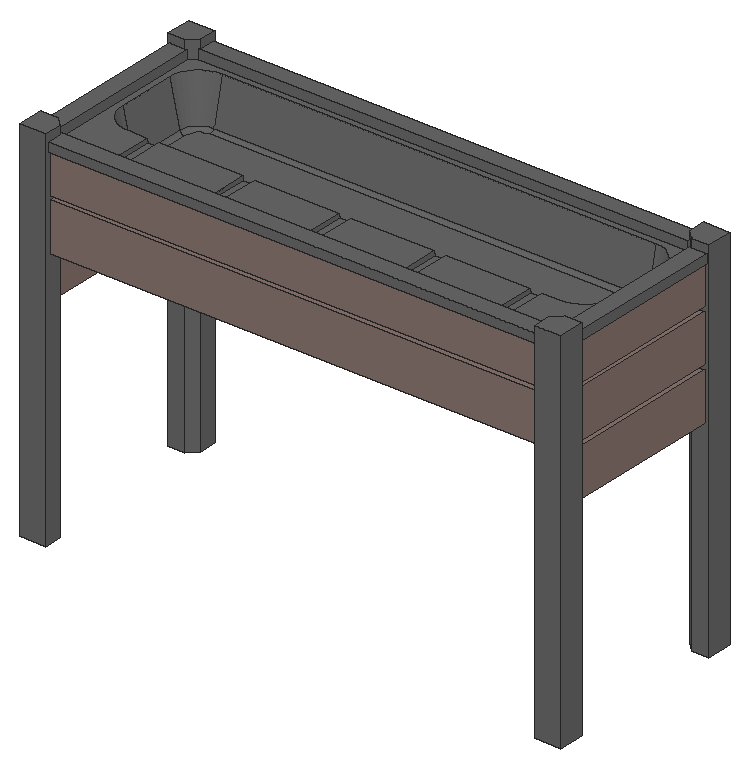
Revit family "Planter-Elevated_ADA-CityScapes-Plax", category Specialty Equipment, Revit 2021
Family settings
  Round Connector Dimension = Use Diameter
  Part Type = Normal
  Work Plane-Based = No
  Always vertical = Yes
  Cut with Voids When Loaded = No
  Shared = No
  Room Calculation Point = No
Parameters (values of type "24”x62”x34” ADA")
  Width = 62 1/4"
  URL = "https://cityscapesinc.com/"
  Specification = "https://www.arcat.com/company/cityscapes-international-inc-40042/spec"
  Product Page URL = "https://www.arcat.com/arcatcos/cos40/arc40042.html"
  Model = "Planx Planters - Elevated Planters Series ADA"
  Manufacturer = "CityScapes"  # constant formula
  Length = 24 1/4"
  Keynote = "32 94 33"
  Height = 42"
  Frame Material [instance] = Aluminum - CityScapes - Electric Black
  Description = "Elevated Planter ADA"
  Default Elevation = 0"
  Copyright = "© 2023 ARCAT"  # constant formula
  CAD Details = "https://www.arcat.com/company/cityscapes-international-inc-40042/cad"
  Board Material [instance] = PVC Board - CityScapes - Sequoia
Reference planes (in)
  plane 1 "Center (Front/Back)": y = 0
  plane 2: z = 0
  plane 3 "Center (Left/Right)": x = 0
  plane 4: x = 31.125
  plane 5: x = -31.125
  plane 6: y = 12.125
  plane 7: y = -12.125
  plane 8: z = 42
Forms (in)
  Extrusion 1, solid, material "Aluminum - CityScapes - Electric Black" <- "Frame Material"
    sketch origin (0, 0, 0) x (1, 0, 0) y (0, 1, 0)
      loop
        line (31.125, 12.125) -> (28.125, 12.125) -> (28.125, 10.125) -> (29.125, 9.125) -> (31.125, 9.125) -> (31.125, 12.125)
      loop
        line (31.125, -12.125) -> (31.125, -9.125) -> (29.125, -9.125) -> (28.125, -10.125) -> (28.125, -12.125) -> (31.125, -12.125)
      loop
        line (-31.125, 12.125) -> (-31.125, 9.125) -> (-29.125, 9.125) -> (-28.125, 10.125) -> (-28.125, 12.125) -> (-31.125, 12.125)
      loop
        line (-31.125, -12.125) -> (-28.125, -12.125) -> (-28.125, -10.125) -> (-29.125, -9.125) -> (-31.125, -9.125) -> (-31.125, -12.125)
    from 0 to 42.50009
  Sweep 2, solid, material "PVC Board - CityScapes - Sequoia" <- "Board Material"
    path origin (0, 0, 0) x (1, 0, 0) y (0, 1, 0)
      loop
        line (31.125, -9.125) -> (31.125, 0) -> (31.125, 12.125) -> (-31.125, 12.125) -> (-31.125, -9.125)
    profile origin (31.125, 6.0625, 0) x (-1, 0, 0) y (0, 0, 1)
      loop
        line (0.5, 40.5) -> (0.5, 36) -> (1.375, 36) -> (1.375, 35.5) -> (0.5, 35.5) -> (0.5, 30) -> (1.375, 30) -> (1.375, 29.5) -> (0.5, 29.5) -> (0.5, 24) -> (2, 24) -> (2, 40.5) -> (0.5, 40.5)
  Extrusion 3, solid, material "PVC Board - CityScapes - Sequoia" <- "Board Material"
    sketch origin (0, 0, 0) x (0, 1, 0) y (0, 0, 1)
      loop
        line (-11.625, 40.5) -> (-11.625, 36.00001) -> (-10.75, 36.00001) -> (-10.75, 35.50001) -> (-11.625, 35.50001) -> (-11.625, 30.00001) -> (-10.125, 30.00001) -> (-10.125, 40.5) -> (-11.625, 40.5)
    from -29.125 to 29.125
  Sweep 4, solid, material "Aluminum - CityScapes - Electric Black" <- "Frame Material"
    path origin (0, 0, 0) x (1, 0, 0) y (0, 1, 0)
      loop
        arc (-24.85, 8) -> (-26.44099, 7.34099) -> (-27.1, 5.75) r 2.25
        line (-27.1, 5.75) -> (-27.1, -0.975)
        arc (-27.1, -0.975) -> (-26.44099, -2.56599) -> (-24.85, -3.225) r 2.25
        line (-24.85, -3.225) -> (24.85, -3.225)
        arc (24.85, -3.225) -> (26.52938, -2.52938) -> (27.225, -0.85) r 2.375
        line (27.225, -0.85) -> (27.225, 5.75)
        arc (27.225, 5.75) -> (26.56599, 7.34099) -> (24.975, 8) r 2.25
        line (24.975, 8) -> (-24.85, 8)
    profile origin (0.0625, 8, 0) x (0, 1, 0) y (0, 0, 1)
      loop
        line (-0.70326, 35) -> (-0.70326, 34.75) -> (0.08878, 34.75) -> (1.38124, 40.5) -> (1.125, 40.5) -> (-0.02352, 35.39035)
        arc (-0.02352, 35.39035) -> (-0.19896, 35.1096) -> (-0.51135, 35) r 0.5
        line (-0.51135, 35) -> (-0.70326, 35)
  Extrusion 5, solid, material "Aluminum - CityScapes - Electric Black" <- "Frame Material"
    sketch origin (0, 0, 0) x (1, 0, 0) y (0, 1, 0)
      loop
        line (28.125, -10.125) -> (29.125, -9.125) -> (29.125, 9.125) -> (28.125, 10.125) -> (-28.125, 10.125) -> (-29.125, 9.125) -> (-29.125, -9.125) -> (-28.125, -10.125) -> (28.125, -10.125)
      loop
        line (24.975, 9.125) -> (-24.85, 9.125)
        arc (-24.85, 9.125) -> (-27.23649, 8.13649) -> (-28.225, 5.75) r 3.375
        line (-28.225, 5.75) -> (-28.225, -0.975)
        arc (-28.225, -0.975) -> (-27.23649, -3.36149) -> (-24.85, -4.35001) r 3.375
        line (-24.85, -4.35001) -> (24.85, -4.35001)
        arc (24.85, -4.35001) -> (27.32487, -3.32488) -> (28.35, -0.85) r 3.5
        line (28.35, -0.85) -> (28.35, 5.75)
        arc (28.35, 5.75) -> (27.36149, 8.13649) -> (24.975, 9.125) r 3.375
    from 39.5 to 40.5
  Extrusion 6, void
    sketch origin (0, 0, 0) x (1, 0, 0) y (0, 1, 0)
      loop
        line (-22.75, -8.675) -> (-21.375, -8.675) -> (-21.375, -3.8) -> (-22.75, -3.8) -> (-22.75, -8.675)
      loop
        line (-11.75, -8.675) -> (-10.375, -8.675) -> (-10.375, -3.8) -> (-11.75, -3.8) -> (-11.75, -8.675)
      loop
        line (-0.6875, -8.675) -> (0.6875, -8.675) -> (0.6875, -3.8) -> (-0.6875, -3.8) -> (-0.6875, -8.675)
      loop
        line (10.3125, -8.675) -> (11.6875, -8.675) -> (11.6875, -3.8) -> (10.3125, -3.8) -> (10.3125, -8.675)
      loop
        line (21.3125, -8.675) -> (22.6875, -8.675) -> (22.6875, -3.8) -> (21.3125, -3.8) -> (21.3125, -8.675)
    from 40 to 40.5
  Extrusion 7, solid, material "Aluminum - CityScapes - Electric Black" <- "Frame Material"
    sketch origin (0, 0, 0) x (1, 0, 0) y (0, 1, 0)
      loop
        arc (24.85, -2.52175) -> (26.0321, -2.0321) -> (26.52174, -0.85) r 1.67174
        line (26.52174, -0.85) -> (26.52174, 5.75)
        arc (26.52174, 5.75) -> (26.06871, 6.84371) -> (24.975, 7.29674) r 1.54674
        line (24.975, 7.29674) -> (-24.85, 7.29674)
        arc (-24.85, 7.29674) -> (-25.94371, 6.84371) -> (-26.39674, 5.75) r 1.54674
        line (-26.39674, 5.75) -> (-26.39674, -0.975)
        arc (-26.39674, -0.975) -> (-25.94371, -2.06872) -> (-24.85, -2.52175) r 1.54674
        line (-24.85, -2.52175) -> (24.85, -2.52175)
    from 34.75 to 35
  Extrusion 8, solid, material "Aluminum - CityScapes - Electric Black" <- "Frame Material"
    sketch origin (0, 0, 0) x (1, 0, 0) y (0, 1, 0)
      loop
        line (-28.125, 9.875) -> (28.125, 9.875) -> (28.125, 11.87499) -> (-28.125, 11.87499) -> (-28.125, 9.875)
      loop
        line (-30.875, 9.125) -> (-30.875, -9.125) -> (-28.875, -9.125) -> (-28.875, 9.125) -> (-30.875, 9.125)
      loop
        line (28.125, -9.875) -> (-28.125, -9.875) -> (-28.125, -11.875) -> (28.125, -11.875) -> (28.125, -9.875)
      loop
        line (28.875, -9.125) -> (30.875, -9.125) -> (30.875, 9.125) -> (28.875, 9.125) -> (28.875, -9.125)
    from 40.5 to 41.575
Cuts and joins
  joined: Sweep 2, Extrusion 3
  Extrusion 6 cuts Sweep 4
  Extrusion 6 cuts Extrusion 5
  joined: Sweep 4, Extrusion 5, Extrusion 7
Dimensions and locks (in)
  "Width": plane 5 to plane 4
  equal spacing: plane 5, plane 3 "Center (Left/Right)", plane 4
  "Length": plane 6 to plane 7
  equal spacing: plane 6, plane 1 "Center (Front/Back)", plane 7
  "Height": plane 8 to level
  locked: Extrusion 1 sketch curve to plane 4 at 3  (x2)
  locked: plane 6 to Extrusion 1 sketch curve at 3  (x2)
  locked: Extrusion 1 sketch curve to plane 7 at 3  (x2)
  locked: plane 5 to Extrusion 1 sketch curve at 3  (x2)
  locked: Sweep 2 sketch curve to Sweep 2 sketch curve at 1.5
  plane 5 to Sweep 4 sketch curve = 4.025"
  plane 6 to Sweep 4 sketch curve = 4 1/8"
  Sweep 4 sketch curve to plane 7 = 8.9"
  locked: Extrusion 1 to plane 8 at 0.50009
  locked: Extrusion 5 to Extrusion 5 at 1
  locked: Extrusion 6 to Extrusion 6 at 0.5
  aligned and locked: plane 2 to level
  aligned and locked: Extrusion 1 sketch curve to plane 4
  aligned and locked: plane 6 to Extrusion 1 sketch curve
  aligned and locked: Extrusion 1 sketch curve to plane 6
  aligned and locked: Extrusion 1 sketch curve to plane 5
  aligned and locked: Extrusion 1 sketch curve to plane 7
  aligned and locked: plane 5 to Extrusion 1 sketch curve
  aligned and locked: plane 4 to Extrusion 1 sketch curve
  aligned and locked: plane 7 to Extrusion 1 sketch curve
  aligned and locked: plane 4 to Sweep 2 sketch curve
  aligned and locked: plane 6 to Sweep 2 sketch curve
  aligned and locked: Sweep 2 sketch curve to plane 5
  aligned and locked: Extrusion 1 to Extrusion 3
  aligned and locked: Extrusion 3 to Extrusion 1
Automatic sketch dimensions
  Extrusion 1 sketch curve to Extrusion 1 sketch curve = 1"  (x8)
  plane 1 "Center (Front/Back)" to Sweep 2 sketch curve = 0"
  plane 7 to Sweep 2 sketch curve = 3"  (x2)
  Sweep 2 sketch curve to profile plane = 1/2"  (x2)
  Sweep 2 sketch curve to Sweep 2 sketch curve = 0"
  Sweep 2 sketch curve to Sweep 2 sketch curve = 7/8"  (x2)
  level to Sweep 2 sketch curve = 24"
  Sweep 2 sketch curve to Sweep 2 sketch curve = 5 1/2"  (x2)
  Sweep 2 sketch curve to Sweep 2 sketch curve = 1/2"  (x2)
  Sweep 2 sketch curve to Sweep 2 sketch curve = 4 1/2"
  plane 7 to Extrusion 3 sketch curve = 1/2"  (x2)
  Extrusion 3 sketch curve to Extrusion 3 sketch curve = 7/8"
  Extrusion 3 sketch curve to Extrusion 3 sketch curve = 1 1/2"
  Extrusion 3 sketch curve to plane 8 = 12"
  Extrusion 3 sketch curve to Extrusion 3 sketch curve = 5 1/2"
  Extrusion 3 sketch curve to Extrusion 3 sketch curve = 1/2"
  Extrusion 3 sketch curve to plane 8 = 1 1/2"
  Sweep 4 sketch curve to profile plane = 0.08878"
  Sweep 4 sketch curve to Sweep 4 sketch curve = 0.1123"
  Sweep 4 sketch curve to Sweep 4 sketch curve = 0.48783"
  Sweep 4 sketch curve to Sweep 4 sketch curve = 0.19191"
  Sweep 4 sketch curve to Sweep 4 sketch curve = 1/4"
  Sweep 4 sketch curve to Sweep 4 sketch curve = 0.39035"
  Sweep 4 sketch curve to Sweep 4 sketch curve = 2 1/4"  (x3)
  plane 1 "Center (Front/Back)" to Sweep 4 sketch curve = 0.85"
  Sweep 4 sketch curve to plane 4 = 6.275"
  profile plane to Sweep 4 sketch curve = 40 1/2"
  Sweep 4 sketch curve to Sweep 4 sketch curve = 0.25624"
  Sweep 4 sketch curve to profile plane = 1 1/8"
  profile plane to Sweep 4 sketch curve = 35 1/2"
  plane 5 to Extrusion 5 sketch curve = 3"
  plane 7 to Extrusion 5 sketch curve = 2"
  Extrusion 5 sketch curve to plane 4 = 3"
  Extrusion 5 sketch curve to plane 6 = 3"  (x2)
  plane 1 "Center (Front/Back)" to Extrusion 6 sketch curve = 3.8"  (x5)
  plane 5 to Extrusion 6 sketch curve = 8 3/8"
  Extrusion 6 sketch curve to Extrusion 6 sketch curve = 1 3/8"  (x4)
  plane 7 to Extrusion 6 sketch curve = 3.45"  (x5)
  Extrusion 6 sketch curve to Extrusion 6 sketch curve = 9 5/8"  (x3)
  Extrusion 6 sketch curve to plane 3 "Center (Left/Right)" = 11/16"
  plane 3 "Center (Left/Right)" to Extrusion 6 sketch curve = 11/16"
  Extrusion 8 sketch curve to plane 4 = 1/4"
  Extrusion 8 sketch curve to Extrusion 8 sketch curve = 2"  (x2)
  Extrusion 8 sketch curve to plane 4 = 3"
  Extrusion 8 sketch curve to Extrusion 8 sketch curve = 3/4"  (x5)
  plane 7 to Extrusion 8 sketch curve = 1/4"
  plane 5 to Extrusion 8 sketch curve = 3"  (x2)
  Extrusion 8 sketch curve to Extrusion 8 sketch curve = 2 3/4"
  Extrusion 8 sketch curve to plane 6 = 3"
  Extrusion 8 sketch curve to plane 6 = 1/4"
  plane 5 to Extrusion 8 sketch curve = 1/4"
  plane 1 "Center (Front/Back)" to Extrusion 7 sketch curve = 0.975"
  plane 5 to Extrusion 7 sketch curve = 4.72826"
  Extrusion 7 sketch curve to Extrusion 7 sketch curve = 1.54674"  (x2)
  Extrusion 7 sketch curve to plane 4 = 6.275"
  Extrusion 7 sketch curve to plane 4 = 6.15"
  plane 1 "Center (Front/Back)" to Extrusion 7 sketch curve = 0.85"
  Extrusion 7 sketch curve to plane 1 "Center (Front/Back)" = 5 3/4"
  Extrusion 5 sketch curve to Extrusion 5 sketch curve = 4.275"
  Extrusion 5 sketch curve to plane 1 "Center (Front/Back)" = 5 3/4"
  Extrusion 5 sketch curve to Extrusion 5 sketch curve = 3.15"
  plane 1 "Center (Front/Back)" to Extrusion 5 sketch curve = 0.975"
  Extrusion 5 sketch curve to Extrusion 5 sketch curve = 3 3/8"  (x2)
  plane 1 "Center (Front/Back)" to Extrusion 5 sketch curve = 0.85"
  Extrusion 5 sketch curve to Extrusion 5 sketch curve = 4 3/8"
  Extrusion 5 sketch curve to Extrusion 5 sketch curve = 1"  (x5)
  Extrusion 5 sketch curve to plane 4 = 6.275"
  plane 5 to Extrusion 5 sketch curve = 2.9"
